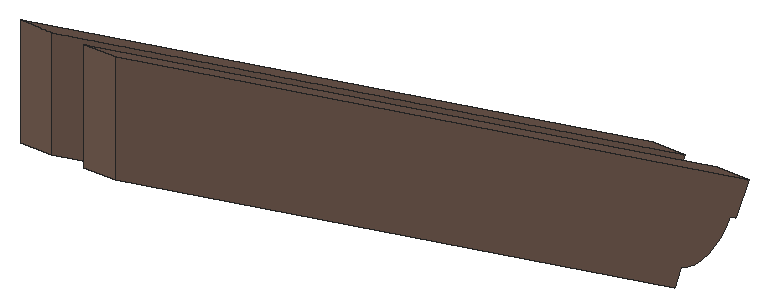
Revit family "STC_A3-NEWDOUBLETRUSS-30", category Generic Models, Revit 2016
Family settings
  Part Type = Undefined
  Can host rebar = No
  Round Connector Dimension = Use Diameter
  Work Plane-Based = No
  Always vertical = Yes
  Cut with Voids When Loaded = No
  Shared = No
  Room Calculation Point = No
Parameters (values of type "Double Truss")
  MATERIAL = - Timber
Reference planes
  plane 1 "Center (Front/Back)": y = 0
  plane 2: z = 0
  plane 3: x = 38
  plane 4: y = 600
Forms (mm)
  Extrusion 1, solid, material "- Timber"
    sketch origin (0, -23.494, 121.273) x (0, 1, 0) y (0, 0, 1)
      loop
        line (-325.321, 210.937) -> (-325.321, 79.301) -> (512.869, -404.628) -> (522.869, -387.308)
        arc (522.869, -387.308) -> (563.676, -390.716) -> (595.6, -365.072) r 55.193
        line (595.6, -365.072) -> (604.26, -370.072) -> (623.449, -336.836) -> (-325.321, 210.937)
    from -19 to 19
  Extrusion 2, solid, material "- Timber"
    sketch origin (76, -23.494, 121.273) x (0, 1, 0) y (0, 0, 1)
      loop
        line (-325.321, 210.937) -> (-325.321, 79.301) -> (512.869, -404.628) -> (522.869, -387.308)
        arc (522.869, -387.308) -> (563.676, -390.716) -> (595.6, -365.072) r 55.193
        line (595.6, -365.072) -> (604.26, -370.072) -> (623.449, -336.836) -> (-325.321, 210.937)
    from -19 to 19
Dimensions and locks
  Extrusion 1 to plane 3 to Extrusion 2 = 19 mm locked, 19 mm locked
  Extrusion 1 to Extrusion 1 to plane 3 to Extrusion 2 to Extrusion 2 = 38 mm locked, 19 mm locked, 19 mm locked, 38 mm locked
  aligned: Extrusion 2 sketch curve to Extrusion 1
